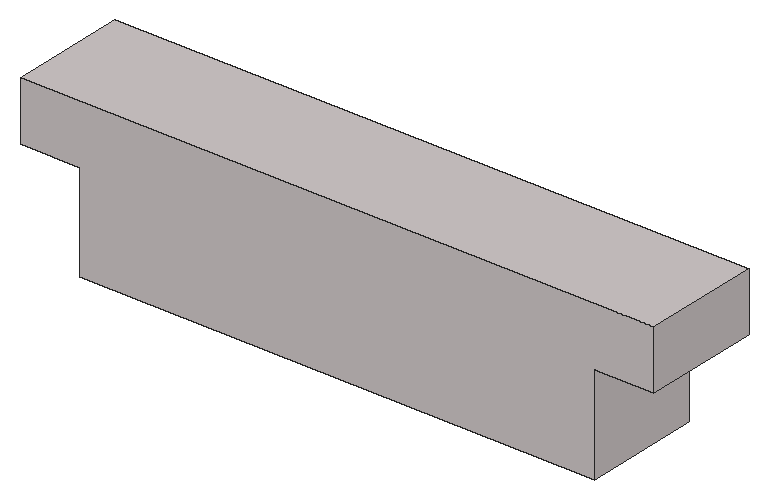
Revit family "M_Viga retangular pré-moldada com corte na extremidade", category Quadro estrutural, Revit 2019
Family settings
  Exibir em vistas ocultas = Arestas ocultadas por outros membros
  Arredondamento do comprimento do framing estrutural = 0.0 mm
  Forma do corte = Não definido
  Material para o comportamento do modelo = Concreto pré-moldado
  Exportar sempre como geometria = Não
  Número OmniClass = 23.25.30.11.14.14
  Título OmniClass = Beams
  ID de item do Seek = Precast-Rectangular Beam with Cut End-0000-CAN-ENU
  Sempre na vertical = Sim
  Corte com vazios quando carregada = Não
  Representação simbólica = Da família
  Compartilhado = Não
  Exibir o pré-corte da família na vista da planta = Sim
Parameters (values of type "300x400-Corte dos dois lados")
  Largura = 300.0 mm
  Peso da vara de tirante [instance] = 30
  Vara de tirante W [instance] = (Peso da vara de tirante) * 9.80 kN / 1000  # 0.294 kN
  Structural Material [instance] = Concreto - Moldado in loco - 35 MPa
  Peso do vergalhão simples [instance] = 50
  Vergalhão em W simples [instance] = (Peso do vergalhão simples * 9.80 kN) / 1000  # 0.49 kN
  Peso das grades de vergalhão [instance] = 100
  Grades de vergalhão W [instance] = (Peso das grades de vergalhão * 9.80 kN) / 1000  # 0.98 kN
  Profundidade do corte [instance] = 250.0 mm
  Extensão 2 [instance] = 150.0 mm
  Extensão 1 [instance] = 150.0 mm
  Linear = 400.0 mm
  Assembly Code = ""
  Length [instance] = 1500.0 mm
Types (3): name
  (no name)
  300x400-Corte dos dois lados
  300x400-Corte em um lado
Reference planes
  plane 1 "Centro (Frente/Trás)": y = 0
  plane 2: z = 0
  plane 3 "Centro (Esquerda/Direita)": x = 0
  plane 4 "Membro esquerdo": x = -654.019
  plane 5 "Membro direito": x = 654.019
  plane 6 "Esquerda": x = -754.019
  plane 7 "Direita": x = 745.981
  plane 8: z = 50
  plane 9: z = 200
  plane 10: x = -804.019
  plane 11: y = -150
  plane 12: y = 150
  plane 13: x = 804.019
  plane 14: z = -200
Forms (mm)
  Sweep 1, solid, material "Concreto - Moldado in loco - 35 MPa" <- "Structural Material"
    path origin (0, 374, 0) x (1, 0, 0) y (0, 1, 0)
      loop
        line (-804.019, -374) -> (804.019, -374)
    profile origin (0, 0, 0) x (0, 1, 0) y (0, 0, 1)
      loop
        line (-150, -200) -> (150, -200) -> (150, 200) -> (-150, 200) -> (-150, -200)
  Extrusion 2, void
    sketch origin (0, 0, 0) x (1, 0, 0) y (0, 0, 1)
      loop
        line (-654.019, -200) -> (-654.019, 50) -> (-804.019, 50) -> (-804.019, -200) -> (-654.019, -200)
    from -150 to 150
  Extrusion 3, void
    sketch origin (0, 0, 0) x (1, 0, 0) y (0, 0, 1)
      loop
        line (809.019, -200) -> (809.019, 50) -> (654.019, 50) -> (654.019, -200) -> (809.019, -200)
    from -150 to 150
Cuts and joins
  Extrusion 2, Extrusion 3 cuts Sweep 1
Dimensions and locks
  "Length": plane 6 "Esquerda" to plane 7 "Direita"
  locked: level to plane 2 at 0
  equal spacing: plane 12, plane 1 "Centro (Frente/Trás)", plane 11
  "Largura": plane 12 to plane 11
  equal spacing: plane 9, plane 2, plane 14
  "Linear": plane 9 to plane 14
  "Profundidade do corte": plane 8 to plane 14
  locked: Extrusion 3 sketch curve to plane 13 at 5
  "Extensão 1": plane 10 to plane 4 "Membro esquerdo"
  "Extensão 2": plane 5 "Membro direito" to plane 13
  aligned and locked: plane 10 to Sweep 1 sketch curve
  aligned and locked: plane 1 "Centro (Frente/Trás)" to Sweep 1 sketch curve
  aligned and locked: plane 13 to Sweep 1 sketch curve
  aligned and locked: Sweep 1 sketch curve to plane 11
  aligned and locked: Sweep 1 sketch curve to plane 9
  aligned and locked: plane 12 to Sweep 1 sketch curve
  aligned and locked: plane 14 to Sweep 1 sketch curve
  aligned and locked: plane 14 to Extrusion 2 sketch curve
  aligned and locked: plane 8 to Extrusion 2 sketch curve
  aligned and locked: plane 10 to Extrusion 2 sketch curve
  aligned and locked: Sweep 1 to Extrusion 2
  aligned and locked: Extrusion 2 to Sweep 1
  aligned and locked: Extrusion 3 sketch curve to plane 8
  aligned and locked: plane 14 to Extrusion 3 sketch curve
  aligned and locked: Extrusion 3 to Sweep 1
  aligned and locked: Sweep 1 to Extrusion 3
  aligned and locked: Extrusion 2 to plane 4 "Membro esquerdo"
  aligned and locked: plane 5 "Membro direito" to Extrusion 3
Automatic sketch dimensions
  plane 4 "Membro esquerdo" to Extrusion 2 sketch curve = 0.0 mm
  plane 5 "Membro direito" to Extrusion 3 sketch curve = 0.0 mm
